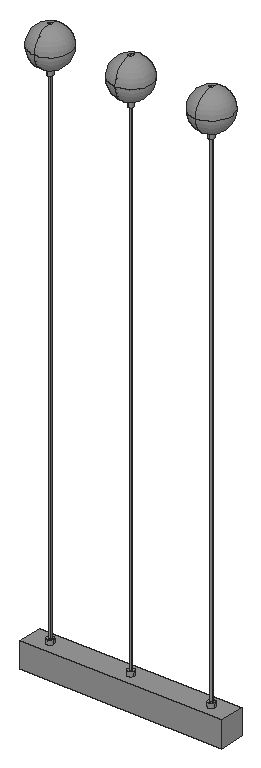
Revit family "Pearl Line 15W", category Lighting Fixtures, host Face, Revit 2019
Family settings
  Host = Face
  Round Connector Dimension = Use Diameter
  Part Type = Normal
  OmniClass Number = 23.80.70.11.11
  OmniClass Title = General Luminaries, Non Directional
  Cut with Voids When Loaded = No
  Light Source = No
  Shared = No
  Room Calculation Point = No
Parameters (values of type "Pearl Line 15W, Warm White, 230V - 53SI995L015L")
  length3 [instance] = 1000 mm
  length2 [instance] = 1000 mm
  Wattage Comments = "15W"
  Voltage = 230 V
  URL = "www.winled.fi"
  Type Image = Pearl Line .png
  Light source = Pearl light LV : Pearl light LV
  Length3 [instance] = if(length3 < 100 mm, 100 mm, (if(length3 > 1500 mm, 1500 mm, length3)))  # 1000 mm
  Length2 [instance] = if(length2 < 100 mm, 100 mm, (if(length2 > 1500 mm, 1500 mm, length2)))  # 1000 mm
  Length1 [instance] = if(length1 < 100 mm, 100 mm, (if(length1 > 1500 mm, 1500 mm, length1)))  # 1000 mm
  length1 [instance] = 1000 mm
  Product Number = "53SI995L015L"
  Position Number = ""
  Operating Temperature Range = "-20° to +50°"
  Model = "Pearl Line 15W"
  Manufacturer = "Winled Oy Ltd"
  Luminaire Angle Install [instance] = if(Luminaire Angle Input < -90.00°, -90.00°, (if(Luminaire Angle Input > 90.00°, 90.00°, Luminaire Angle Input)))  # 0.00°
  Luminaire Angle Input [instance] = 0.00°
  Lumens Output = "1164lm"
  Lifetime L70 = "50000h"
  Last Updated = "8.3.2017"
  Lamp = "LED"
  IP Code = "IP20"
  Housing Material = "Aluminium"
  Driver = "Integrated"
  Directivity = "No"
  Dimmable = "Yes"
  Dimensions = "78mm x 400mm"
  Description = "Pendant Light"
  Depth = "-"
  Default Elevation = 1219.2 mm
  Cutout = "-"
  Color Temperature = "3000K"
  Casing Color = "White"
  CRI = "82"
  Beam Angle = "160°"
Types (3, lengths in mm): name | Light source | Product Number | Lumens Output | Color Temperature
  (no name) | Pearl light LV : Pearl light LV | "53SI995L015L" | "1164lm" | "3000K"
  Pearl Line 15W, Neutral White, 230V - 53SI995N015L | Pearl light NV : Pearl light NV | "53SI995N015L" | "1264lm" | "4000K"
  Pearl Line 15W, Warm White, 230V - 53SI995L015L | Pearl light LV : Pearl light LV | "53SI995L015L" | "1164lm" | "3000K"
Reference planes
  plane 1 "Center (Front/Back)": y = 0
  plane 2: z = 0
  plane 3 "Center (Left/Right)": x = 0
Lines and regions (mm)
  symbolic lines
    curve 1: line (200, -39.034, 0) -> (-200, 38.97, 0)
    curve 2: line (200, 38.97, 0) -> (-200, 38.97, 0)
    curve 3: line (-200, -39.034, 0) -> (-200, 38.97, 0)
    curve 4: line (200, -39.034, 0) -> (200, 38.97, 0)
    curve 5: line (200, -39.034, 0) -> (-200, -39.034, 0)
    curve 6: line (200, 38.97, 0) -> (-200, -39.034, 0)
Dimensions and locks
  aligned and locked: plane 2 to host face
  aligned and locked: level to host face
Nested families
  nested 1: "Pearl light LV" at (-159.556, -0.015, 1150.063) x (-1, 0.0012, 0) z (0, 0, 1), type <- "Light source", type "Pearl light LV"
  nested 2: "Pearl 15W model" at (0, -0.004, 0), Luminaire Angle <- "Luminaire Angle Install", Length1 <- "Length1", Length3 <- "Length3", Length2 <- "Length2", type "Pearl 15W model"
    with length 1000 mm, k1 45.00°, Luminaire Angle 0.00°, Length3 1000 mm, Length2 1000 mm, Length1 1000 mm
  nested 3: "Pearl light LV" at (160.008, -0.052, 1150.063) x (-1, 0, 0) z (0, 0, 1), type <- "Light source", type "Pearl light LV"
  nested 4: "Pearl light LV" at (-0.065, -0.082, 1150.063) x (-1, 0, 0) z (0, 0, 1), type <- "Light source", type "Pearl light LV"
Connectors
  electrical at (0, -0.004, 0)
    settings: on nested 2, index 1, voltage 230 V, apparent load 15 VA, apparent load phase1 0 VA, apparent load phase2 0 VA, apparent load phase3 0 VA, power factor 1, load classification "Lighting", number of poles 1, system type 30, power factor state 1, is connector primary yes, connector utility no, sub classification motor no, connector description ""
Definition of nested family "Pearl 15W model"
  Parameters (values of type "Pearl 15W model")
    Length3 [instance] = 1200 mm
    Length2 [instance] = 1200 mm
    k1 [instance] = if(Luminaire Angle < -90.00°, -45.00°, (if(Luminaire Angle > 90.00°, 135.00°, Luminaire Angle + 45.00°)))  # 45.00°
    length [instance] = 1000 mm
    Luminaire Angle [instance] = 0.00°
    Length1 [instance] = 1200 mm
  Reference planes
    plane 1 "Center (Front/Back)": y = 0
    plane 2: z = 0
    plane 3 "Center (Left/Right)": x = 0
  Forms (mm)
    Extrusion 1, solid
      sketch origin (0, 0, 0) x (1, 0, 0) y (0, 1, 0)
        loop
          line (200, -25) -> (200, 25) -> (-200, 25) -> (-200, -25) -> (200, -25)
      from 0 to 50
    Extrusion 2, solid
      sketch origin (0, 0, 0) x (1, 0, 0) y (0, 1, 0)
        loop
          circle (0, 0) r 6.6
      from 57.5 to 50
    Revolve 3, solid
      sketch origin (0, 0, 57.5) x (-0.707107, 0, 0.707107) y (-0.707107, 0, -0.707107)
        loop
          line (-3.926, 1.097) -> (0.398, -3.227) -> (1.812, -1.812) -> (-2.511, 2.511) -> (-3.926, 1.097)
        axis (-2.511, 2.511) -> (1.812, -1.812)
      angle from 0 to 360
    Extrusion 4, solid
      sketch origin (0, 0, 60.063) x (1, 0, 0) y (0, 1, 0)
        loop
          circle (0, 0) r 2.001
      from 0 to 1200 <- "Length2"
    Extrusion 5, solid
      sketch origin (-160, 0, 0) x (1, 0, 0) y (0, 1, 0)
        loop
          circle (0, 0) r 6.6
      from 57.5 to 50
    Revolve 6, solid
      sketch origin (-160, 0, 57.5) x (-0.707107, 0, 0.707107) y (-0.707107, 0, -0.707107)
        loop
          line (-3.926, 1.097) -> (0.398, -3.227) -> (1.812, -1.812) -> (-2.511, 2.511) -> (-3.926, 1.097)
        axis (-2.511, 2.511) -> (1.812, -1.812)
      angle from 0 to 360
    Extrusion 7, solid
      sketch origin (-160, 0, 60.063) x (1, 0, 0) y (0, 1, 0)
        loop
          circle (0, 0) r 2.001
      from 0 to 1200 <- "Length3"
    Extrusion 8, solid
      sketch origin (160, 0, 0) x (1, 0, 0) y (0, 1, 0)
        loop
          circle (0, 0) r 6.6
      from 57.5 to 50
    Revolve 9, solid
      sketch origin (160, 0, 57.5) x (-0.707107, 0, 0.707107) y (-0.707107, 0, -0.707107)
        loop
          line (-3.926, 1.097) -> (0.398, -3.227) -> (1.812, -1.812) -> (-2.511, 2.511) -> (-3.926, 1.097)
        axis (-2.511, 2.511) -> (1.812, -1.812)
      angle from 0 to 360
    Extrusion 10, solid
      sketch origin (160, 0, 60.063) x (1, 0, 0) y (0, 1, 0)
        loop
          circle (0, 0) r 2.001
      from 0 to 1200 <- "Length1"
  Lines and regions (mm)
    reference lines
      curve 1: line (-6.6, 0, 57.5) -> (0, 0, 57.5)
      curve 2: line (0, 0, 57.5) -> (-65.327, 0, 122.827)
      curve 4: line (-166.6, 0, 57.5) -> (-160, 0, 57.5)
      curve 5: line (-160, 0, 57.5) -> (-225.327, 0, 122.827)
      curve 7: line (153.4, 0, 57.5) -> (160, 0, 57.5)
      curve 8: line (160, 0, 57.5) -> (94.673, 0, 122.827)
    model lines, detail levels coarse
      curve 3: line (-43.149, 0, 100.649) -> (35.676, 0, 100.649)
      curve 6: line (-203.149, 0, 100.649) -> (-124.324, 0, 100.649)
      curve 9: line (116.851, 0, 100.649) -> (195.676, 0, 100.649)
  Dimensions and locks
    "k1": angle curve 1 to curve 2
    "k1": angle curve 4 to curve 5
    "k1": angle curve 7 to curve 8
    aligned and locked: level to plane 2
    aligned and locked: plane 3 "Center (Left/Right)" to curve 2
    aligned and locked: curve 2 to curve 3
    aligned and locked: curve 5 to curve 6
    aligned and locked: curve 8 to curve 9
  Automatic sketch dimensions
    plane 1 "Center (Front/Back)" to Extrusion 1 sketch curve = 25 mm
    Extrusion 1 sketch curve to plane 3 "Center (Left/Right)" = 200 mm
    Extrusion 1 sketch curve to plane 1 "Center (Front/Back)" = 25 mm
    plane 3 "Center (Left/Right)" to Extrusion 1 sketch curve = 200 mm
    plane 1 "Center (Front/Back)" to Extrusion 2 sketch curve = 0 mm
    Extrusion 2 sketch curve to plane 3 "Center (Left/Right)" = 0 mm
    Revolve 3 sketch curve to curve 2 = 1.097 mm
    Revolve 3 sketch curve to curve 2 = 3.926 mm
    Revolve 3 sketch curve to Revolve 3 sketch curve = 1.415 mm
    curve 2 to Revolve 3 sketch curve = 0.398 mm
    curve 2 to Revolve 3 sketch curve = 1.812 mm
    Revolve 3 sketch curve to curve 2 = 0.35 mm  (x2)
    curve 2 to Revolve 3 sketch curve = 19.013 mm  (x2)
    curve 2 to curve 3 = 5.284 mm
    curve 3 to curve 2 = 31.365 mm
    curve 3 to curve 2 = 55.738 mm
    plane 1 "Center (Front/Back)" to Extrusion 5 sketch curve = 0 mm
    Extrusion 5 sketch curve to plane 3 "Center (Left/Right)" = 160 mm
    Revolve 6 sketch curve to curve 5 = 1.097 mm
    Revolve 6 sketch curve to curve 5 = 3.926 mm
    Revolve 6 sketch curve to Revolve 6 sketch curve = 1.415 mm
    curve 5 to Revolve 6 sketch curve = 0.398 mm
    curve 5 to Revolve 6 sketch curve = 1.812 mm
    Revolve 6 sketch curve to curve 5 = 0.35 mm  (x2)
    curve 5 to Revolve 6 sketch curve = 19.013 mm  (x2)
    curve 5 to curve 6 = 5.284 mm
    curve 6 to curve 5 = 31.365 mm
    curve 6 to curve 5 = 55.738 mm
    plane 1 "Center (Front/Back)" to Extrusion 8 sketch curve = 0 mm
    plane 3 "Center (Left/Right)" to Extrusion 8 sketch curve = 160 mm
    Revolve 9 sketch curve to curve 8 = 1.097 mm
    Revolve 9 sketch curve to curve 8 = 3.926 mm
    Revolve 9 sketch curve to Revolve 9 sketch curve = 1.415 mm
    curve 8 to Revolve 9 sketch curve = 0.398 mm
    curve 8 to Revolve 9 sketch curve = 1.812 mm
    Revolve 9 sketch curve to curve 8 = 0.35 mm  (x2)
    curve 8 to Revolve 9 sketch curve = 19.013 mm  (x2)
    curve 8 to curve 9 = 5.284 mm
    curve 9 to curve 8 = 31.365 mm
    curve 9 to curve 8 = 55.738 mm
    level to curve 5 = 57.5 mm
    curve 5 to curve 2 = 94.673 mm
    level to curve 8 = 57.5 mm
    plane 3 "Center (Left/Right)" to curve 8 = 160 mm
    level to curve 2 = 57.5 mm
    radius of Extrusion 2 sketch curve = 6.6 mm
    radius of Extrusion 4 sketch curve to Revolve 3 = 0 mm
    radius of Extrusion 5 sketch curve = 6.6 mm
    radius of Extrusion 7 sketch curve to Revolve 6 = 0 mm
    radius of Extrusion 8 sketch curve = 6.6 mm
    radius of Extrusion 10 sketch curve to Revolve 9 = 0 mm
  Nested families
    nested 1: "Pearl" at (0, 0, 1260.063) x (-1, 0, 0) z (0, 0, 1), type "Pearl"
    nested 2: "Pearl" at (-160, 0, 1260.063) x (-1, 0, 0) z (0, 0, 1), type "Pearl"
    nested 3: "Pearl" at (160, 0, 1260.063) x (-1, 0, 0) z (0, 0, 1), type "Pearl"
  Definition of nested family "Pearl"
    Parameters (values of type "Pearl")
      Default Elevation = 1219.2 mm
    Reference planes
      plane 1 "Center (Front/Back)": y = 0
      plane 2: z = 0
      plane 3 "Center (Left/Right)": x = 0
    Forms (mm)
      Extrusion 1, solid
        sketch origin (0, 0, 0) x (1, 0, 0) y (0, 1, 0)
          loop
            line (-1219.2, 1219.2) -> (-1219.2, -1219.2) -> (1219.2, -1219.2) -> (1219.2, 1219.2) -> (-1219.2, 1219.2)
        from 0 to -304.8
      Revolve 2, solid
        sketch origin (0, 0, 0) x (0, 1, 0) y (0, 0, 1)
          loop
            line (0, 0) -> (0, 51) -> (0, 90) -> (-1, 90) -> (-4.096, 89.784)
            arc (-4.096, 89.784) -> (-28.989, 77.089) -> (-39, 51) r 39
            arc (-39, 51) -> (-29.292, 25.251) -> (-5, 12.322) r 39
            line (-5, 12.322) -> (-5, 0) -> (0, 0)
          axis (0, 0) -> (0, 90)
        angle from 0 to 360
    Dimensions and locks
      aligned and locked: plane 2 to Extrusion 1
      aligned and locked: level to Extrusion 1
Definition of nested family "Pearl light LV"
  Parameters (values of type "Pearl light LV")
    Wattage = 5 W
    built-in parameter 1150110 = 1 (stored number, unit not read)
    built-in parameter 1114217 = 1 (stored number, unit not read)
    Tilt Angle = -90.00°
    built-in parameter 1150109 = 1 (stored number, unit not read)
    built-in parameter 1150134 = (empty or 0)
    built-in parameter 1150113 = 1 (stored number, unit not read)
    Photometric Web File = "Pearl single LV.ies"
    built-in parameter 1150105 = 30.876 (stored number, unit not read)
    Lumens = 388 lm
    built-in parameter 1150115 = 1 (stored number, unit not read)
    built-in parameter 1150137 = (empty or 0)
    built-in parameter 1150139 = (empty or 0)
    built-in parameter 1150112 = 1 (stored number, unit not read)
    built-in parameter 1150114 = 1 (stored number, unit not read)
    built-in parameter 1150132 = (empty or 0)
    built-in parameter 1150102 = (empty or 0)
    built-in parameter 1150107 = 3000 (stored number, unit not read)
    built-in parameter 1150138 = (empty or 0)
    built-in parameter 1150106 = 0.30876 (stored number, unit not read)
    built-in parameter 1150104 = 7.2093 (stored number, unit not read)
    Dimming Lamp Color Temperature Shift = (empty or 0)
    Default Elevation = 1219.2 mm
    Color Filter = 16777215
    built-in parameter 1114218 = 1 (stored number, unit not read)
    built-in parameter 1150133 = 10 (stored number, unit not read)
  Reference planes
    plane 1 "Center (Front/Back)": y = 0
    plane 2: z = 0
    plane 3 "Center (Left/Right)": x = 0
  Forms (mm)
    Extrusion 1, solid
      sketch origin (0, 0, 0) x (1, 0, 0) y (0, 1, 0)
        loop
          line (-1219.2, 1219.2) -> (-1219.2, -1219.2) -> (1219.2, -1219.2) -> (1219.2, 1219.2) -> (-1219.2, 1219.2)
      from 0 to -304.8
  Dimensions and locks
    aligned and locked: plane 2 to Extrusion 1
    aligned and locked: level to Extrusion 1
